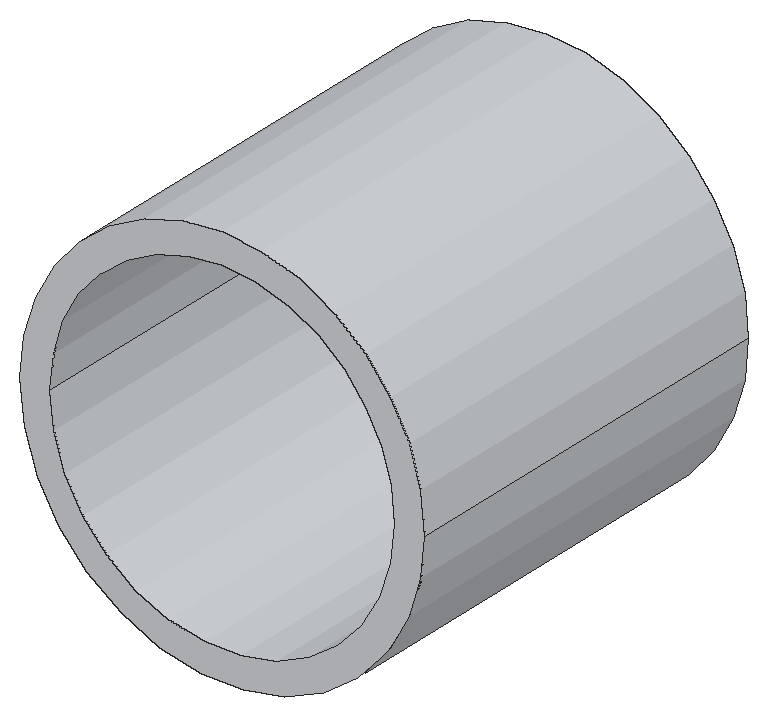
Revit family "NS3", category Generic Models, Revit 2017
Family settings
  Can host rebar = No
  Round Connector Dimension = Use Diameter
  Part Type = Normal
  Work Plane-Based = Yes
  Always vertical = No
  Cut with Voids When Loaded = No
  Shared = No
  Room Calculation Point = No
Parameters (values of type "NBS Standard Parameters")
  Weight = "0.038Kg"
  WarrantyStartDate [instance] = "1900-12-31T23:59:59"
  WarrantyGuarantorParts = "n/a"
  WarrantyGuarantorLabor = "n/a"
  WarrantyDurationUnit = "year"
  WarrantyDurationParts = "n/a"
  WarrantyDurationLabor = "n/a"
  WarrantyDescription = "n/a"
  Version = "1"
  Uniclass2 = "Pr_65_70_11_20"
  TagNumber [instance] = "n/a"
  SustainabilityPerformance = "n/a"
  Size = "32mm"
  Shape = "Circular"
  SerialNumber [instance] = "n/a"
  Revision = "n/a"
  ReplacementCost = "n/a"
  ProductInformation = "www.metpro.co.uk/pdf/ns3.pdf"
  NominalWidth = 29 mm
  NominalLength = 29 mm
  NominalHeight = 32 mm
  Name = ""
  NBSTypeID = ""
  NBSReference = "90-55-10/460"
  NBSOfficeMasterTag = ""
  NBSNote = ""
  NBSDescription = "Conduit Fittings"
  NBSCertification = ""
  ModelReference = "NS3"
  ModelNumber = "n/a"
  Material = "Steel"
  ManufacturerURL = "www.metpro.co.uk"
  ManufacturerName = "Metpro Ltd"
  Keynote = "Compliant to LU standard 1-085"
  InstallationDate [instance] = "1900-12-31T23:59:59"
  IfcExportType = ""
  IfcExportAs = ""
  Grade = "n/a"
  Finish = "Galvanised"
  Features = "n/a"
  ExpectedLife = "n/a"
  DurationUnit = "year"
  Description = "NS3 - 32mm Conduit Screwed Nipple"
  Default Elevation = 1219.2 mm
  Constituents = "n/a"
  Color = "n/a"
  CodePerformance = "n/a"
  Category = "n/a"
  BarCode [instance] = "n/a"
  BIMObjectName = "Metpro_Metprolibrary_conduitfittings_Metalcomponent_steelaccessories"
  Author = "Metpro Ltd"
  AssetType = ""
  AssetIdentifier [instance] = "n/a"
  AccessibilityPerformance = "n/a"
Reference planes
  plane 1 "Center (Front/Back)": y = 0
  plane 2: z = 0
  plane 3 "Center (Left/Right)": x = 0
Forms (mm)
  Extrusion 1, solid
    sketch origin (155.469, 900.683, 735.213) x (-1, 0, 0) y (0, 0, -1)
      loop
        circle (-8215.814, 1266.546) r 13.65
      loop
        circle (-8215.814, 1266.546) r 16
    from 0 to 32
Dimensions and locks
  aligned and locked: level to plane 2
